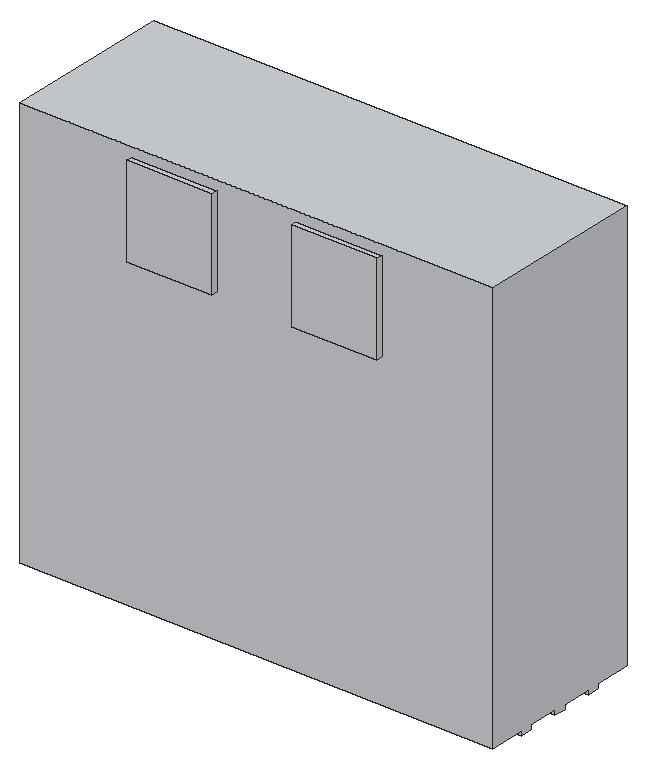
Revit family "M_WSHP - Vertical - 46-70 kW - Retorno traseiro - Descarga frontal", category Equipamento mecânico, Revit 2019
Family settings
  Cota do conector redondo = Usar raio
  Tipo de parte = Normal
  Número OmniClass = 23.75.10.21.17
  Título OmniClass = Water-Source Heat Pumps
  ID de item do Seek = WSHP - Vertical - 46-70 kW - Rear Return - Front Discharge-0000-CAN-ENU
  Com base no plano de trabalho = Não
  Sempre na vertical = Sim
  Corte com vazios quando carregada = Não
  Compartilhado = Não
  Ponto de cálculo do ambiente = Não
Parameters (values of type "46 kW")
  Raio do fornecimento de água = 20 mm
  Diâmetro do fornecimento de água = Raio do fornecimento de água * 2  # 40 mm
  Raio do retorno da água = 20 mm
  Diâmetro do retorno da água = Raio do retorno da água * 2  # 40 mm
  Queda de pressão da água [instance] = 64810.7 Pa
  Fluxo da água [instance] = 2.33 L/s
  Voltagem = 460 V
  Largura do ar de fornecimento = 375 mm
  Altura do ar de fornecimento = 400 mm
  Largura do ar de retorno = 900 mm
  Altura do ar de retorno = 600 mm
  Largura da bomba = 736.6 mm
  Material da bomba = none
  Comprimento da bomba = 2082.8 mm
  Altura da bomba = 1816.1 mm
  Número de pólos = 3
  Classificação de carga = Refrigeração
  Fluxo da drenagem [instance] = 0.0 L/s
  Distância 1 = 350.5 mm
  Raio da condensação = 15 mm
  Diâmetro da condensação = Raio da condensação * 2  # 30 mm
  C8 Deslocamento 2 = 53.4 mm
  C8 Deslocamento 1 = 25.4 mm
  C6 Deslocamento 2 = 574.1 mm
  C6 Deslocamento 1 = 78.8 mm
  C4 Deslocamento 1 = 492.7 mm
  C3 Deslocamento 1 = 368.3 mm
  C2 Deslocamento 1 = 101.6 mm
  C1 Deslocamento 2 = 520.7 mm
  C1 Deslocamento 1 = 187.9 mm
  Carga aparente = 11132 VA
  Pressão estática externa [instance] = 248.84 Pa
  Fluxo de ar 1 [instance] = Fluxo de ar / 2  # 1227.07 L/s
  Fluxo de ar [instance] = 2454.13 L/s
Types (4, lengths in mm): name | Queda de pressão da água | Fluxo da água | Largura do ar de fornecimento | Distância 1 | C4 Deslocamento 1 | Carga aparente | Pressão estática externa | Fluxo de ar 1 | Fluxo de ar
  (no name) | 64810.7 Pa | 2.33 L/s | 375 | 350.5 | 492.7 | 11132 VA | 248.84 Pa | 1227.07 L/s | 2454.13 L/s
  46 kW | 64810.7 Pa | 2.33 L/s | 375 | 350.5 | 492.7 | 11132 VA | 248.84 Pa | 1227.07 L/s | 2454.13 L/s
  60 kW | 76531.8 Pa | 3.03 L/s | 475 | 566.4 | 147.3 | 17296 VA | 373.26 Pa | 1651.82 L/s | 3303.63 L/s
  70 kW | 100663.4 Pa | 3.79 L/s | 475 | 566.4 | 147.3 | 18768 VA | 373.26 Pa | 1982.18 L/s | 3964.36 L/s
Reference planes
  plane 1 "Centro (Frente/Trás)": y = 0
  plane 2: z = 0
  plane 3 "Centro (Esquerda/Direita)": x = 0
  plane 4: x = 2082.8
  plane 5: y = 736.6
  plane 6: z = 1835.15
  plane 7: z = 19.05
  plane 8: y = 368.3
  plane 9: y = 393.7
  plane 10: y = 342.9
  plane 11: y = 552.45
  plane 12: y = 184.15
  plane 13: y = 577.85
  plane 14: y = 527.05
  plane 15: y = 209.55
  plane 16: y = 158.75
  plane 17: z = 539.75
  plane 18: y = 101.6
  plane 19: y = 187.9
  plane 20: y = 368.3
  plane 21: x = -25.4
  plane 22: z = 53.4
  plane 23: x = 2057.4
  plane 24: y = -25.4
  plane 25: x = 78.8
  plane 26: z = 1261.05
  plane 27: x = 978.8
  plane 28: x = 1138.82
  plane 29: x = 2038.82
  plane 30: z = 661.05
  plane 31: x = 1593.2
  plane 32: x = 1218.2
  plane 33: x = 867.7
  plane 34: x = 492.7
  plane 35: z = 1790.7
  plane 36: z = 1390.7
  plane 37: y = 762
  plane 38: y = 25.4
Forms (mm)
  Extrusion 1, solid, material <- "Material da bomba"
    sketch origin (0, 0, 0) x (1, 0, 0) y (0, 1, 0)
      loop
        line (0, 736.6) -> (0, 0) -> (2082.8, 0) -> (2082.8, 736.6) -> (0, 736.6)
    from 19.05 to 1835.15
  Extrusion 2, solid, material <- "Material da bomba"
    sketch origin (0, 0, 0) x (0, 1, 0) y (0, 0, 1)
      loop
        line (393.7, 19.05) -> (342.9, 19.05) -> (342.9, 0) -> (393.7, 0) -> (393.7, 19.05)
    from 0 to 2082.8
  Extrusion 3, solid, material <- "Material da bomba"
    sketch origin (0, 0, 0) x (0, 1, 0) y (0, 0, 1)
      loop
        line (577.85, 19.05) -> (527.05, 19.05) -> (527.05, 0) -> (577.85, 0) -> (577.85, 19.05)
    from 0 to 2082.8
  Extrusion 4, solid, material <- "Material da bomba"
    sketch origin (0, 0, 0) x (0, 1, 0) y (0, 0, 1)
      loop
        line (209.55, 19.05) -> (158.75, 19.05) -> (158.75, 0) -> (209.55, 0) -> (209.55, 19.05)
    from 0 to 2082.8
  Extrusion 5, solid, material <- "Material da bomba"
    sketch origin (0, 0, 0) x (0, 1, 0) y (0, 0, 1)
      loop
        circle (101.6, 539.75) r 20
    from 0 to -25.4
  Extrusion 6, solid, material <- "Material da bomba"
    sketch origin (0, 0, 0) x (0, 1, 0) y (0, 0, 1)
      loop
        circle (187.9, 539.75) r 20
    from 0 to -25.4
  Extrusion 7, solid, material <- "Material da bomba"
    sketch origin (0, 0, 0) x (0, 1, 0) y (0, 0, 1)
      loop
        circle (368.3, 539.75) r 15
    from 0 to -25.4
  Extrusion 8, solid, material <- "Material da bomba"
    sketch origin (0, 0, 0) x (1, 0, 0) y (0, 0, 1)
      loop
        circle (2057.4, 53.4) r 12.7
    from -25.4 to 0
  Extrusion 9, solid, material <- "Material da bomba"
    sketch origin (0, 0, 0) x (1, 0, 0) y (0, 0, 1)
      loop
        line (492.7, 1790.7) -> (492.7, 1390.7) -> (867.7, 1390.7) -> (867.7, 1790.7) -> (492.7, 1790.7)
    from 0 to 25.4
  Extrusion 10, solid, material <- "Material da bomba"
    sketch origin (0, 0, 0) x (1, 0, 0) y (0, 0, 1)
      loop
        line (1218.2, 1790.7) -> (1218.2, 1390.7) -> (1593.2, 1390.7) -> (1593.2, 1790.7) -> (1218.2, 1790.7)
    from 0 to 25.4
  Extrusion 11, solid, material <- "Material da bomba"
    sketch origin (0, 0, 0) x (1, 0, 0) y (0, 0, 1)
      loop
        line (78.8, 1261.05) -> (78.8, 661.05) -> (978.8, 661.05) -> (978.8, 1261.05) -> (78.8, 1261.05)
    from -736.6 to -762
  Extrusion 12, solid, material <- "Material da bomba"
    sketch origin (0, 0, 0) x (1, 0, 0) y (0, 0, 1)
      loop
        line (1138.82, 1261.05) -> (1138.82, 661.05) -> (2038.82, 661.05) -> (2038.82, 1261.05) -> (1138.82, 1261.05)
    from -736.6 to -762
Cuts and joins
  joined: Extrusion 1, Extrusion 2, Extrusion 3, Extrusion 4, Extrusion 5, Extrusion 6, Extrusion 7, Extrusion 8, Extrusion 9, Extrusion 10, Extrusion 11, Extrusion 12
Dimensions and locks
  "Comprimento da bomba": plane 3 "Centro (Esquerda/Direita)" to plane 4
  "Largura da bomba": plane 5 to plane 1 "Centro (Frente/Trás)"
  locked: plane 7 to plane 2 at 19.05
  "Altura da bomba": plane 6 to plane 7
  equal spacing: plane 5, plane 8, plane 1 "Centro (Frente/Trás)"
  plane 9 to plane 8 to plane 10 = 25.4 mm locked, 25.4 mm locked
  equal spacing: plane 5, plane 11, plane 8
  equal spacing: plane 8, plane 12, plane 1 "Centro (Frente/Trás)"
  plane 13 to plane 11 to plane 14 = 25.4 mm locked, 25.4 mm locked
  plane 15 to plane 12 to plane 16 = 25.4 mm locked, 25.4 mm locked
  "C1 Deslocamento 2": plane 17 to plane 7
  "C2 Deslocamento 1": plane 18 to plane 1 "Centro (Frente/Trás)"
  "C1 Deslocamento 1": plane 19 to plane 1 "Centro (Frente/Trás)"
  "C3 Deslocamento 1": plane 20 to plane 1 "Centro (Frente/Trás)"
  plane 21 to plane 3 "Centro (Esquerda/Direita)" = 25.4 mm
  "C8 Deslocamento 2": plane 22 to plane 2
  "C8 Deslocamento 1": plane 4 to plane 23
  locked: plane 24 to plane 1 "Centro (Frente/Trás)" at 25.4
  locked: plane 27 to plane 28 at 160.02
  "C6 Deslocamento 1": plane 25 to plane 3 "Centro (Esquerda/Direita)"
  "Largura do ar de retorno": plane 25 to plane 27
  "Largura do ar de retorno": plane 28 to plane 29
  "C6 Deslocamento 2": plane 6 to plane 26
  "Altura do ar de retorno": plane 26 to plane 30
  "C4 Deslocamento 1": plane 3 "Centro (Esquerda/Direita)" to plane 34
  "Largura do ar de fornecimento": plane 34 to plane 33
  "Distância 1": plane 33 to plane 32
  "Largura do ar de fornecimento": plane 32 to plane 31
  locked: plane 6 to plane 35 at 44.45
  "Altura do ar de fornecimento": plane 35 to plane 36
  locked: plane 37 to plane 5 at 25.4
  locked: plane 38 to plane 1 "Centro (Frente/Trás)" at 25.4
  "Raio do retorno da água": radius of Extrusion 5 sketch curve
  "Raio do fornecimento de água": radius of Extrusion 6 sketch curve
  "Raio da condensação": radius of Extrusion 7 sketch curve
  radius of Extrusion 8 sketch curve = 12.7 mm
  aligned and locked: Extrusion 1 to plane 3 "Centro (Esquerda/Direita)"
  aligned and locked: Extrusion 1 to plane 5
  aligned and locked: plane 4 to Extrusion 1
  aligned and locked: plane 1 "Centro (Frente/Trás)" to Extrusion 1
  aligned and locked: Extrusion 1 to plane 6
  aligned and locked: Extrusion 1 to plane 7
  aligned and locked: Extrusion 2 to plane 9
  aligned and locked: plane 10 to Extrusion 2
  aligned and locked: plane 7 to Extrusion 2
  aligned and locked: Extrusion 2 to plane 2
  aligned and locked: Extrusion 3 to plane 13
  aligned and locked: plane 14 to Extrusion 3
  aligned and locked: plane 7 to Extrusion 3
  aligned and locked: Extrusion 3 to plane 2
  aligned and locked: Extrusion 4 to plane 15
  aligned and locked: plane 16 to Extrusion 4
  aligned and locked: plane 7 to Extrusion 4
  aligned and locked: Extrusion 4 to plane 2
  aligned and locked: Extrusion 3 to plane 3 "Centro (Esquerda/Direita)"
  aligned and locked: Extrusion 2 to plane 3 "Centro (Esquerda/Direita)"
  aligned and locked: Extrusion 4 to plane 3 "Centro (Esquerda/Direita)"
  aligned and locked: plane 4 to Extrusion 3
  aligned and locked: plane 4 to Extrusion 2
  aligned and locked: plane 4 to Extrusion 4
  aligned and locked: plane 17 to Extrusion 5 sketch curve
  aligned and locked: plane 17 to Extrusion 6 sketch curve
  aligned and locked: plane 17 to Extrusion 7 sketch curve
  aligned and locked: plane 18 to Extrusion 5 sketch curve
  aligned and locked: plane 19 to Extrusion 6 sketch curve
  aligned and locked: plane 20 to Extrusion 7 sketch curve
  aligned and locked: Extrusion 7 to plane 3 "Centro (Esquerda/Direita)"  (x2)
  aligned and locked: Extrusion 7 to plane 21
  aligned and locked: Extrusion 6 to plane 21
  aligned and locked: Extrusion 5 to plane 21
  aligned and locked: plane 3 "Centro (Esquerda/Direita)" to Extrusion 6
  aligned and locked: plane 3 "Centro (Esquerda/Direita)" to Extrusion 5
  aligned and locked: Extrusion 8 sketch curve to plane 22
  aligned and locked: plane 23 to Extrusion 8 sketch curve
  aligned and locked: plane 32 to Extrusion 10
  aligned and locked: Extrusion 10 to plane 31
  aligned and locked: Extrusion 9 to plane 33
  aligned and locked: plane 34 to Extrusion 9
  aligned and locked: plane 35 to Extrusion 10
  aligned and locked: plane 35 to Extrusion 9
  aligned and locked: Extrusion 10 to plane 36
  aligned and locked: Extrusion 9 to plane 36
  aligned and locked: Extrusion 11 to plane 26
  aligned and locked: Extrusion 12 to plane 26
  aligned and locked: plane 30 to Extrusion 11
  aligned and locked: plane 30 to Extrusion 12
  aligned and locked: Extrusion 11 to plane 25
  aligned and locked: Extrusion 11 to plane 27
  aligned and locked: plane 28 to Extrusion 12
  aligned and locked: Extrusion 12 to plane 29
  aligned and locked: plane 1 "Centro (Frente/Trás)" to Extrusion 9
  aligned and locked: plane 1 "Centro (Frente/Trás)" to Extrusion 10
  aligned and locked: Extrusion 9 to plane 24
  aligned and locked: plane 24 to Extrusion 10
  aligned and locked: plane 5 to Extrusion 11
  aligned and locked: plane 5 to Extrusion 12
  aligned and locked: plane 37 to Extrusion 11
  aligned and locked: Extrusion 12 to plane 37
  aligned and locked: plane 38 to Extrusion 8
  aligned and locked: plane 1 "Centro (Frente/Trás)" to Extrusion 8
Automatic sketch dimensions
  plane 3 "Centro (Esquerda/Direita)" to Extrusion 1 sketch curve = 0 mm
  Extrusion 1 sketch curve to plane 1 "Centro (Frente/Trás)" = 0 mm
  plane 4 to Extrusion 1 sketch curve = 0 mm
  plane 5 to Extrusion 1 sketch curve = 0 mm
  plane 8 to Extrusion 2 sketch curve = 25.4 mm
  Extrusion 2 sketch curve to plane 8 = 25.4 mm
  Extrusion 2 sketch curve to level = 0 mm
  plane 7 to Extrusion 2 sketch curve = 0 mm
  plane 11 to Extrusion 3 sketch curve = 25.4 mm
  Extrusion 3 sketch curve to plane 11 = 25.4 mm
  Extrusion 3 sketch curve to level = 0 mm
  plane 7 to Extrusion 3 sketch curve = 0 mm
  plane 12 to Extrusion 4 sketch curve = 25.4 mm
  Extrusion 4 sketch curve to level = 0 mm
  Extrusion 4 sketch curve to plane 12 = 25.4 mm
  plane 7 to Extrusion 4 sketch curve = 0 mm
  plane 25 to Extrusion 9 sketch curve = 413.9 mm
  Extrusion 9 sketch curve to plane 26 = 129.65 mm
  plane 27 to Extrusion 9 sketch curve = 111.1 mm
  Extrusion 9 sketch curve to plane 6 = 44.45 mm
  Extrusion 10 sketch curve to plane 26 = 129.65 mm
  Extrusion 10 sketch curve to plane 28 = 79.38 mm
  plane 29 to Extrusion 10 sketch curve = 445.62 mm
  Extrusion 10 sketch curve to plane 6 = 44.45 mm
  Extrusion 11 sketch curve to plane 30 = 0 mm
  plane 25 to Extrusion 11 sketch curve = 0 mm
  Extrusion 11 sketch curve to plane 33 = 111.1 mm
  plane 26 to Extrusion 11 sketch curve = 0 mm
  plane 32 to Extrusion 12 sketch curve = 79.38 mm
  Extrusion 12 sketch curve to plane 30 = 0 mm
  plane 29 to Extrusion 12 sketch curve = 0 mm
  plane 26 to Extrusion 12 sketch curve = 0 mm
Connectors
  piping at (-25.4, 187.9, 539.75), diameter 40, driven by "Fluxo da água", driven by "Raio do fornecimento de água"
    settings: on Extrusion 6, index 1, connector inside diameter 40 mm, connector length 0 mm, flow factor 0, pipe flow 2.33 L/s, pressure drop 0.0 Pa, fitting loss kfactor 0, connector angle 0.00°, fixture units 0, engagement length 0 mm, angle of deflection 0.00°, flow configuration 1, flow direction 1, fitting loss method 4, system type 7, joint type 0, gender type 0, connector reference index 2, connector utility 0, adjustable connector no, is connector primary yes, connector description "Entrada do fornecimento de água"
  piping at (-25.4, 101.6, 539.75), diameter 40, driven by "Fluxo da água", driven by "Raio do retorno da água", driven by "Queda de pressão da água"
    settings: on Extrusion 5, index 2, connector inside diameter 40 mm, connector length 0 mm, flow factor 0, pipe flow 2.33 L/s, pressure drop 64810.7 Pa, fitting loss kfactor 0, connector angle 0.00°, fixture units 0, engagement length 0 mm, angle of deflection 0.00°, flow configuration 1, flow direction 2, fitting loss method 4, system type 8, joint type 0, gender type 0, connector reference index 1, connector utility 0, adjustable connector no, is connector primary no, connector description "Saída do retorno da água"
  piping at (-25.4, 368.3, 539.75), diameter 30, driven by "Raio da condensação", driven by "Fluxo da drenagem"
    settings: on Extrusion 7, index 3, connector inside diameter 30 mm, connector length 0 mm, flow factor 0, pipe flow 0.0 L/s, pressure drop 0.0 Pa, fitting loss kfactor 0, connector angle 0.00°, fixture units 0, engagement length 0 mm, angle of deflection 0.00°, flow configuration 1, flow direction 2, fitting loss method 0, system type 16, joint type 0, gender type 0, connector reference index -1, connector utility 0, adjustable connector yes, is connector primary no, connector description "Saída de condensação"
  hvac at (680.2, -25.4, 1590.7), driven by "Fluxo de ar 1", driven by "Altura do ar de fornecimento", driven by "Largura do ar de fornecimento"
    settings: on Extrusion 9, index 4, duct flow 1227.07 L/s, flow factor 0, pres drop 0.0 Pa, loss coef 0, conn angle 0.00°, conn width 375 mm, conn height 400 mm, conn diameter 609.6 mm, duct sys type 1, conn prof type 1, flow config 0, flow direction 2, loss method 0, conn ref index -1, conn util no, is conn primary yes, conn desc ""
  hvac at (1405.7, -25.4, 1590.7), driven by "Fluxo de ar 1", driven by "Altura do ar de fornecimento", driven by "Largura do ar de fornecimento"
    settings: on Extrusion 10, index 5, duct flow 1227.07 L/s, flow factor 0, pres drop 0.0 Pa, loss coef 0, conn angle 0.00°, conn width 375 mm, conn height 400 mm, conn diameter 609.6 mm, duct sys type 1, conn prof type 1, flow config 0, flow direction 2, loss method 0, conn ref index -1, conn util no, is conn primary no, conn desc ""
  hvac at (528.8, 762, 961.05), driven by "Fluxo de ar 1", driven by "Altura do ar de retorno", driven by "Largura do ar de retorno"
    settings: on Extrusion 11, index 6, duct flow 1227.07 L/s, flow factor 0, pres drop 0.0 Pa, loss coef 0, conn angle 0.00°, conn width 900 mm, conn height 600 mm, conn diameter 609.6 mm, duct sys type 2, conn prof type 1, flow config 0, flow direction 1, loss method 0, conn ref index -1, conn util no, is conn primary no, conn desc ""
  hvac at (1588.82, 762, 961.05), driven by "Fluxo de ar 1", driven by "Altura do ar de retorno", driven by "Largura do ar de retorno"
    settings: on Extrusion 12, index 7, duct flow 1227.07 L/s, flow factor 0, pres drop 0.0 Pa, loss coef 0, conn angle 0.00°, conn width 900 mm, conn height 600 mm, conn diameter 609.6 mm, duct sys type 2, conn prof type 1, flow config 0, flow direction 1, loss method 0, conn ref index -1, conn util no, is conn primary no, conn desc ""
  electrical at (2057.4, 0, 53.4), driven by "Carga aparente", driven by "Voltagem", driven by "Número de pólos", driven by "Classificação de carga"
    settings: on Extrusion 8, index 8, voltage 460 V, apparent load 11132 VA, apparent load phase1 0 VA, apparent load phase2 0 VA, apparent load phase3 0 VA, power factor 0.8, load classification "Refrigeração", number of poles 3, system type 30, power factor state 1, is connector primary yes, connector utility no, sub classification motor no, connector description ""
